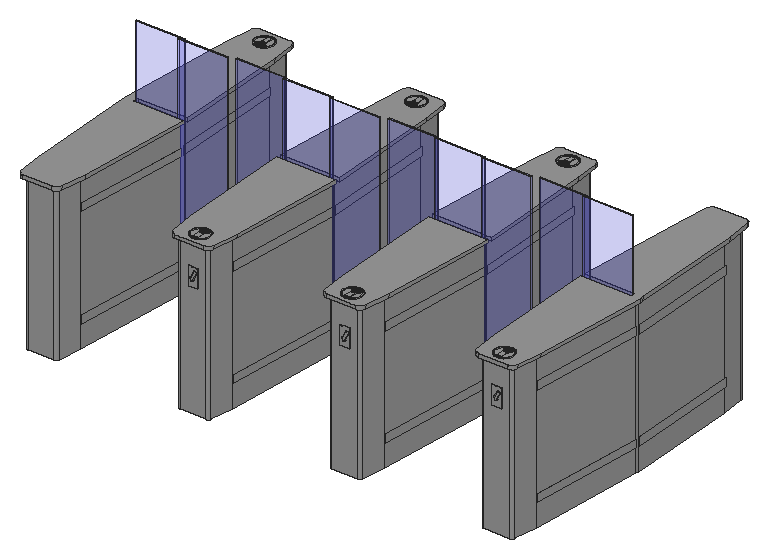
Revit family "ST-02", category Обобщенные модели, Revit 2019 (continued)
Definition of nested family "Секция Двусторонняя-STD02 600"
  Automatic sketch dimensions
    Extrusion 12 sketch curve to Extrusion 12 sketch curve = 9.389 mm
    Extrusion 4 sketch curve to Extrusion 4 sketch curve = 0 mm  (x12)
    Extrusion 4 sketch curve to plane 1 "По центру (Вперед/Назад)" = 10 mm  (x2)
    Extrusion 4 sketch curve to plane 4 = 6723.064 mm
    plane 4 to Extrusion 4 sketch curve = 0.002 mm  (x2)
    plane 6 to Extrusion 4 sketch curve = 69.045 mm
    Extrusion 4 sketch curve to plane 3 "По центру (Влево/Вправо)" = 91.955 mm
    plane 3 "По центру (Влево/Вправо)" to Extrusion 4 sketch curve = 91.955 mm
    Extrusion 4 sketch curve to plane 7 = 69.045 mm
    Extrusion 4 sketch curve to plane 5 = 0.002 mm  (x2)
    plane 1 "По центру (Вперед/Назад)" to Extrusion 4 sketch curve = 10 mm  (x2)
    plane 5 to Extrusion 4 sketch curve = 6723.064 mm
    plane 1 "По центру (Вперед/Назад)" to Extrusion 4 sketch curve = 15 mm
    Extrusion 4 sketch curve to Extrusion 4 sketch curve = 906.5 mm  (x2)
    Extrusion 4 sketch curve to Extrusion 4 sketch curve = 40 mm  (x2)
    Extrusion 4 sketch curve to plane 1 "По центру (Вперед/Назад)" = 15 mm
    plane 6 to Extrusion 4 sketch curve = 10.102 mm  (x2)
    Extrusion 4 sketch curve to plane 7 = 10.102 mm  (x2)
    plane 1 "По центру (Вперед/Назад)" to Extrusion 1 sketch curve = 10 mm  (x2)
    Extrusion 1 sketch curve to plane 4 = 6723.064 mm
    Extrusion 1 sketch curve to plane 1 "По центру (Вперед/Назад)" = 10 mm  (x2)
    Extrusion 1 sketch curve to Extrusion 1 sketch curve = 0 mm  (x3)
    plane 6 to Extrusion 1 sketch curve = 39.933 mm  (x2)
    plane 6 to Extrusion 1 sketch curve = 77.834 mm  (x2)
    plane 3 "По центру (Влево/Вправо)" to Extrusion 1 sketch curve = 83.166 mm
    Extrusion 1 sketch curve to plane 7 = 77.834 mm
    Extrusion 1 sketch curve to plane 7 = 39.933 mm  (x2)
    plane 5 to Extrusion 1 sketch curve = 6723.064 mm
    plane 1 "По центру (Вперед/Назад)" to Extrusion 1 sketch curve = 760.641 mm
    Extrusion 1 sketch curve to Extrusion 1 sketch curve = 150.859 mm  (x3)
    Extrusion 1 sketch curve to Extrusion 1 sketch curve = 20 mm  (x2)
    Extrusion 1 sketch curve to plane 1 "По центру (Вперед/Назад)" = 760.641 mm
    radius of Extrusion 7 sketch curve = 55 mm
    radius of Extrusion 8 sketch curve = 55 mm
  Nested families
    nested 1: "Створка для секции" at (0, 0, 250), type "Створка 300"
  Definition of nested family "Створка для секции"
    Parameters (values of type "Створка 470")
      Ширина = 470 mm
    Types (2, lengths in mm): name | Ширина
      Створка 300 | 320
      Створка 470 | 470
    Reference planes
      plane 1 "По центру (Вперед/Назад)": y = 0
      plane 2: z = 0
      plane 3 "По центру (Влево/Вправо)": x = 0
      plane 4: x = -160
      plane 5: x = 310
    Forms (mm)
      Extrusion 1, solid
        sketch origin (0, 0, 0) x (1, 0, 0) y (0, 0, 1)
          loop
            line (-160, 0) -> (310, 0) -> (310, 1232) -> (-160, 1232) -> (-160, 0)
        from -5 to 5
    Dimensions and locks
      "Ширина": plane 4 to plane 5
      locked: plane 4 to plane 3 "По центру (Влево/Вправо)" at 160
      aligned and locked: level to plane 2
    Automatic sketch dimensions
      plane 4 to Extrusion 1 sketch curve = 0 mm
      Extrusion 1 sketch curve to level = 0 mm
      plane 5 to Extrusion 1 sketch curve = 0 mm
      level to Extrusion 1 sketch curve = 1232 mm
Definition of nested family "Секция Slave-ST02 600"
  Parameters (values of type "Секция Slave-ST02 600")
    Ширина секции = 382 mm
    Ширина нижней части = Ширина секции - 60 mm  # 322 mm
    Температура использования = "от +1°С до +50°С"
    Пропускная способность = "до 60 чел / мин"
    Подключение к электросети = "220 В"
    Габаритные размеры = "1923×1364×1482 мм при створке 600 мм"
    Верх [instance] = yes
    ADSK_Ток = "8,5 А"
    ADSK_Номинальная мощность = "204 Вт"
    ADSK_Напряжение = "24 В постоянного тока"
    ADSK_Наименование краткое = "Скоростной проход ST-02"
    ADSK_Наименование = "Турникет \"Скоростной проход\" PERCo-ST-02"
    ADSK_Материал наименование = "Секции - нержавеющая сталь.\r\nВерхние крышки, раздвижные створки и панели запонения – закаленное стекло толщиной 10 мм."
    ADSK_Масса_Текст = "от 424 кг"
    ADSK_Количество = 1
    ADSK_Завод-изготовитель = "PERCo"
    ADSK_Единица измерения = "шт"
    ADSK_URL страницы изделия = "https://www.perco.ru/products/skorostnoy-prokhod-st-02-atg-600.php"
  Reference planes
    plane 1 "По центру (Вперед/Назад)": y = 0
    plane 2: z = 0
    plane 3 "По центру (Влево/Вправо)": x = 0
    plane 4: x = -161
    plane 5: x = 161
    plane 6: x = 191
    plane 7: x = -191
  Forms (mm)
    Extrusion 1, solid
      sketch origin (0, 0, 0) x (-1, 0, 0) y (0, -1, 0)
        loop
          line (-83.166, -931.5) -> (83.166, -931.5)
          arc (83.166, -931.5) -> (96.374, -926.519) -> (103.002, -914.056) r 20
          arc (103.002, -914.056) -> (112.453, -837.397) -> (121.067, -760.641) r 7075.064
          line (121.067, -760.641) -> (-121.067, -760.641)
          arc (-121.067, -760.641) -> (-112.453, -837.397) -> (-103.002, -914.056) r 7075.064
          arc (-103.002, -914.056) -> (-96.374, -926.519) -> (-83.166, -931.5) r 20
        loop
          arc (-83.166, 931.5) -> (-96.374, 926.519) -> (-103.002, 914.056) r 20
          arc (-103.002, 914.056) -> (-112.453, 837.397) -> (-121.067, 760.641) r 7075.064
          line (-121.067, 760.641) -> (121.067, 760.641)
          arc (121.067, 760.641) -> (112.453, 837.397) -> (103.002, 914.056) r 7075.064
          arc (103.002, 914.056) -> (96.374, 926.519) -> (83.166, 931.5) r 20
          line (83.166, 931.5) -> (-83.166, 931.5)
      from 0 to 1000
    Extrusion 2, solid
      sketch origin (0, 0, 0) x (-1, 0, 0) y (0, -1, 0)
        loop
          arc (-121.067, 760.641) -> (-151.01, 385.851) -> (-161, 10) r 7075.064
          line (-161, 10) -> (-161, -10)
          arc (-161, -10) -> (-151.01, -385.851) -> (-121.067, -760.641) r 7075.064
          line (-121.067, -760.641) -> (121.067, -760.641)
          arc (121.067, -760.641) -> (151.01, -385.851) -> (161, -10) r 7075.064
          line (161, -10) -> (161, 10)
          arc (161, 10) -> (151.01, 385.851) -> (121.067, 760.641) r 7075.064
          line (121.067, 760.641) -> (-121.067, 760.641)
      from 0 to 1000
    Extrusion 3, void
      sketch origin (0, 0, 0) x (-1, 0, 0) y (0, -1, 0)
        loop
          line (-136, 15) -> (-136, -15) -> (191, -15) -> (191, 15) -> (-136, 15)
      from 250 to 1000
    Extrusion 4, solid
      sketch origin (0, 0, 0) x (-1, 0, 0) y (0, -1, 0)
        loop
          line (-191, 10) -> (-191, -10)
          arc (-191, -10) -> (-180.967, -387.445) -> (-150.898, -763.824) r 7105.064
          arc (-150.898, -763.824) -> (-141.729, -845.298) -> (-131.62, -926.661) r 7105.064
          arc (-131.62, -926.661) -> (-118.351, -951.553) -> (-91.955, -961.5) r 40
          line (-91.955, -961.5) -> (91.955, -961.5)
          arc (91.955, -961.5) -> (118.351, -951.553) -> (131.62, -926.661) r 40
          arc (131.62, -926.661) -> (141.729, -845.298) -> (150.898, -763.824) r 7105.064
          arc (150.898, -763.824) -> (180.834, -389.941) -> (190.998, -15) r 7105.064
          line (190.998, -15) -> (-136, -15) -> (-136, 15) -> (190.998, 15)
          arc (190.998, 15) -> (180.834, 389.941) -> (150.898, 763.824) r 7105.064
          arc (150.898, 763.824) -> (141.729, 845.298) -> (131.62, 926.661) r 7105.064
          arc (131.62, 926.661) -> (118.351, 951.553) -> (91.955, 961.5) r 40
          line (91.955, 961.5) -> (-91.955, 961.5)
          arc (-91.955, 961.5) -> (-118.351, 951.553) -> (-131.62, 926.661) r 40
          arc (-131.62, 926.661) -> (-141.729, 845.298) -> (-150.898, 763.824) r 7105.064
          arc (-150.898, 763.824) -> (-180.967, 387.445) -> (-191, 10) r 7105.064
      from 1000 to 1021
    Extrusion 5, solid
      sketch origin (0, 0, 0) x (-1, 0, 0) y (0, -1, 0)
        loop
          line (-121.067, 760.641) -> (-126.095, 760.641)
          arc (-126.095, 760.641) -> (-155.884, 388.347) -> (-165.998, 15) r 7080.064
          line (-165.998, 15) -> (-160.998, 15)
          arc (-160.998, 15) -> (-150.876, 388.347) -> (-121.067, 760.641) r 7075.064
        loop
          line (160.998, 15) -> (165.998, 15)
          arc (165.998, 15) -> (155.884, 388.347) -> (126.095, 760.641) r 7080.064
          line (126.095, 760.641) -> (121.067, 760.641)
          arc (121.067, 760.641) -> (150.876, 388.347) -> (160.998, 15) r 7075.064
        loop
          line (-160.998, -15) -> (-165.998, -15)
          arc (-165.998, -15) -> (-155.884, -388.347) -> (-126.095, -760.641) r 7080.064
          line (-126.095, -760.641) -> (-121.067, -760.641)
          arc (-121.067, -760.641) -> (-150.876, -388.347) -> (-160.998, -15) r 7075.064
        loop
          line (121.067, -760.641) -> (126.095, -760.641)
          arc (126.095, -760.641) -> (155.884, -388.347) -> (165.998, -15) r 7080.064
          line (165.998, -15) -> (160.998, -15)
          arc (160.998, -15) -> (150.876, -388.347) -> (121.067, -760.641) r 7075.064
      from 800 to 850
    Extrusion 6, solid
      sketch origin (0, 0, 0) x (-1, 0, 0) y (0, -1, 0)
        loop
          line (-121.067, 760.641) -> (-126.095, 760.641)
          arc (-126.095, 760.641) -> (-155.884, 388.347) -> (-165.998, 15) r 7080.064
          line (-165.998, 15) -> (-160.998, 15)
          arc (-160.998, 15) -> (-150.876, 388.347) -> (-121.067, 760.641) r 7075.064
        loop
          line (160.998, 15) -> (165.998, 15)
          arc (165.998, 15) -> (155.884, 388.347) -> (126.095, 760.641) r 7080.064
          line (126.095, 760.641) -> (121.067, 760.641)
          arc (121.067, 760.641) -> (150.876, 388.347) -> (160.998, 15) r 7075.064
        loop
          line (-160.998, -15) -> (-165.998, -15)
          arc (-165.998, -15) -> (-155.884, -388.347) -> (-126.095, -760.641) r 7080.064
          line (-126.095, -760.641) -> (-121.067, -760.641)
          arc (-121.067, -760.641) -> (-150.876, -388.347) -> (-160.998, -15) r 7075.064
        loop
          line (121.067, -760.641) -> (126.095, -760.641)
          arc (126.095, -760.641) -> (155.884, -388.347) -> (165.998, -15) r 7080.064
          line (165.998, -15) -> (160.998, -15)
          arc (160.998, -15) -> (150.876, -388.347) -> (121.067, -760.641) r 7075.064
      from 150 to 200
    Extrusion 7, solid, visible <- "Верх"
      sketch origin (0, -41.5, 0) x (-1, 0, 0) y (0, -1, 0)
        loop
          circle (0, 830) r 60
        loop
          circle (0, 830) r 55
        loop
          line (0, 874.437) -> (-15, 874.437) -> (-15, 824.437) -> (15, 824.437) -> (15, 874.437) -> (0, 874.437)
        loop
          arc (-15, 814.437) -> (-17.035, 813.838) -> (-16.435, 811.803) r 1.5
          arc (-16.435, 811.803) -> (0, 807.617) -> (16.435, 811.803) r 34.358
          arc (16.435, 811.803) -> (17.035, 813.838) -> (15, 814.437) r 1.5
          arc (15, 814.437) -> (0, 810.617) -> (-15, 814.437) r 31.358
        loop
          arc (22.354, 805.884) -> (0.116, 797.617) -> (-22.178, 805.734) r 34.358
          arc (-22.178, 805.734) -> (-24.391, 805.819) -> (-24.306, 803.606) r 1.509
          arc (-24.306, 803.606) -> (0.116, 794.617) -> (24.481, 803.757) r 37.358
          arc (24.481, 803.757) -> (24.567, 805.969) -> (22.354, 805.884) r 1.509
        loop
          arc (30.638, 797.6) -> (30.266, 799.688) -> (28.178, 799.316) r 1.5
          arc (28.178, 799.316) -> (0, 784.617) -> (-28.178, 799.316) r 34.358
          arc (-28.178, 799.316) -> (-30.266, 799.688) -> (-30.638, 797.6) r 1.5
          arc (-30.638, 797.6) -> (0, 781.617) -> (30.638, 797.6) r 37.358
      from 1021 to 1022
    Extrusion 8, solid
      sketch origin (0, -41.5, 0) x (-1, 0, 0) y (0, 0, 1)
        loop
          line (0, 855) -> (-30, 855) -> (-30, 735) -> (30, 735) -> (30, 855) -> (0, 855)
        loop
          line (16.618, 786.68) -> (-6.856, 830.828) -> (-15.685, 826.133) -> (-24.515, 821.438) -> (-1.041, 777.291) -> (-5.456, 774.943) -> (16.181, 766.202) -> (21.033, 789.028) -> (16.618, 786.68)
      from -891 to -890
    Extrusion 9, solid
      sketch origin (0, -41.5, 0) x (-1, 0, 0) y (0, 0, 1)
        loop
          line (-15.685, 826.133) -> (-24.515, 821.438) -> (-1.041, 777.291) -> (-5.456, 774.943) -> (16.181, 766.202) -> (21.033, 789.028) -> (16.618, 786.68) -> (-6.856, 830.828) -> (-15.685, 826.133)
      from -891 to -890
  Cuts and joins
    Extrusion 3 cuts Extrusion 2
    Extrusion 3 cuts Extrusion 5
  Dimensions and locks
    equal spacing: plane 4, plane 3 "По центру (Влево/Вправо)", plane 5
    "Ширина нижней части": plane 4 to plane 5
    plane 6 to plane 7 = 382 mm
    aligned and locked: level to plane 2
    aligned and locked: plane 1 "По центру (Вперед/Назад)" to nested 1
  Automatic sketch dimensions
    Extrusion 2 sketch curve to plane 5 = 0 mm
    Extrusion 2 sketch curve to plane 4 = 0 mm
    Extrusion 2 sketch curve to plane 1 "По центру (Вперед/Назад)" = 10 mm  (x2)
    Extrusion 2 sketch curve to plane 6 = 6723.064 mm
    plane 1 "По центру (Вперед/Назад)" to Extrusion 2 sketch curve = 10 mm  (x2)
    Extrusion 2 sketch curve to Extrusion 2 sketch curve = 0 mm
    Extrusion 2 sketch curve to plane 5 = 39.933 mm  (x2)
    plane 4 to Extrusion 2 sketch curve = 39.933 mm  (x2)
    Extrusion 3 sketch curve to plane 7 = 0 mm
    Extrusion 3 sketch curve to plane 5 = 25 mm
    Extrusion 3 sketch curve to plane 1 "По центру (Вперед/Назад)" = 15 mm
    plane 1 "По центру (Вперед/Назад)" to Extrusion 3 sketch curve = 15 mm
    Extrusion 5 sketch curve to Extrusion 5 sketch curve = 0 mm  (x11)
    plane 1 "По центру (Вперед/Назад)" to Extrusion 5 sketch curve = 10 mm  (x2)
    Extrusion 5 sketch curve to plane 6 = 6723.064 mm
    plane 5 to Extrusion 5 sketch curve = 4.998 mm  (x2)
    Extrusion 5 sketch curve to plane 5 = 0.002 mm  (x2)
    Extrusion 5 sketch curve to plane 5 = 34.905 mm  (x2)
    plane 4 to Extrusion 5 sketch curve = 39.933 mm  (x2)
    Extrusion 5 sketch curve to Extrusion 5 sketch curve = 5.028 mm  (x2)
    plane 4 to Extrusion 5 sketch curve = 0.002 mm  (x2)
    Extrusion 5 sketch curve to plane 1 "По центру (Вперед/Назад)" = 10 mm
    plane 7 to Extrusion 5 sketch curve = 6723.064 mm
    Extrusion 5 sketch curve to plane 1 "По центру (Вперед/Назад)" = 15 mm  (x2)
    plane 1 "По центру (Вперед/Назад)" to Extrusion 5 sketch curve = 15 mm  (x2)
    Extrusion 6 sketch curve to Extrusion 6 sketch curve = 0 mm  (x11)
    plane 1 "По центру (Вперед/Назад)" to Extrusion 6 sketch curve = 10 mm  (x2)
    Extrusion 6 sketch curve to plane 6 = 6723.064 mm
    plane 5 to Extrusion 6 sketch curve = 4.998 mm  (x2)
    Extrusion 6 sketch curve to plane 5 = 0.002 mm  (x2)
    Extrusion 6 sketch curve to plane 5 = 34.905 mm  (x2)
    plane 4 to Extrusion 6 sketch curve = 39.933 mm  (x2)
    Extrusion 6 sketch curve to Extrusion 6 sketch curve = 5.028 mm  (x2)
    plane 4 to Extrusion 6 sketch curve = 0.002 mm  (x2)
    Extrusion 6 sketch curve to plane 1 "По центру (Вперед/Назад)" = 10 mm
    plane 7 to Extrusion 6 sketch curve = 6723.064 mm
    Extrusion 6 sketch curve to plane 1 "По центру (Вперед/Назад)" = 15 mm  (x2)
    plane 1 "По центру (Вперед/Назад)" to Extrusion 6 sketch curve = 15 mm  (x2)
    Extrusion 7 sketch curve to Extrusion 7 sketch curve = 0 mm  (x20)
    Extrusion 7 sketch curve to plane 3 "По центру (Влево/Вправо)" = 0 mm  (x5)
    plane 3 "По центру (Влево/Вправо)" to Extrusion 7 sketch curve = 15 mm
    Extrusion 7 sketch curve to Extrusion 7 sketch curve = 0.718 mm  (x3)
    Extrusion 7 sketch curve to Extrusion 7 sketch curve = 7.607 mm
    Extrusion 7 sketch curve to Extrusion 7 sketch curve = 6.084 mm
    Extrusion 7 sketch curve to plane 3 "По центру (Влево/Вправо)" = 15 mm
    Extrusion 7 sketch curve to Extrusion 7 sketch curve = 7.782 mm
    Extrusion 7 sketch curve to Extrusion 7 sketch curve = 5.908 mm
    plane 1 "По центру (Вперед/Назад)" to Extrusion 7 sketch curve = 839.958 mm
    Extrusion 7 sketch curve to Extrusion 7 sketch curve = 6.294 mm
    Extrusion 7 sketch curve to Extrusion 7 sketch curve = 6.444 mm
    Extrusion 7 sketch curve to Extrusion 7 sketch curve = 8.218 mm
    Extrusion 7 sketch curve to Extrusion 7 sketch curve = 8.368 mm
    Extrusion 7 sketch curve to Extrusion 7 sketch curve = 5.855 mm
    Extrusion 7 sketch curve to Extrusion 7 sketch curve = 11.317 mm
    Extrusion 7 sketch curve to Extrusion 7 sketch curve = 11.025 mm
    Extrusion 7 sketch curve to Extrusion 7 sketch curve = 1.975 mm
    Extrusion 7 sketch curve to Extrusion 7 sketch curve = 10 mm
    Extrusion 7 sketch curve to Extrusion 7 sketch curve = 32.463 mm
    Extrusion 7 sketch curve to Extrusion 7 sketch curve = 1.146 mm  (x2)
    Extrusion 7 sketch curve to Extrusion 7 sketch curve = 0.982 mm
    Extrusion 7 sketch curve to Extrusion 7 sketch curve = 1.23 mm
    Extrusion 7 sketch curve to Extrusion 7 sketch curve = 29.362 mm
    Extrusion 8 sketch curve to plane 3 "По центру (Влево/Вправо)" = 0 mm
    plane 3 "По центру (Влево/Вправо)" to Extrusion 8 sketch curve = 1.041 mm
    Extrusion 8 sketch curve to Extrusion 8 sketch curve = 4.415 mm  (x2)
    plane 3 "По центру (Влево/Вправо)" to Extrusion 8 sketch curve = 6.856 mm
    Extrusion 8 sketch curve to Extrusion 8 sketch curve = 8.829 mm  (x2)
    plane 3 "По центру (Влево/Вправо)" to Extrusion 8 sketch curve = 30 mm
    Extrusion 8 sketch curve to plane 3 "По центру (Влево/Вправо)" = 16.181 mm
    Extrusion 8 sketch curve to plane 3 "По центру (Влево/Вправо)" = 16.618 mm
    Extrusion 8 sketch curve to plane 3 "По центру (Влево/Вправо)" = 30 mm
    level to Extrusion 8 sketch curve = 735 mm
    Extrusion 8 sketch curve to Extrusion 8 sketch curve = 31.202 mm
    Extrusion 8 sketch curve to Extrusion 8 sketch curve = 8.742 mm
    Extrusion 8 sketch curve to Extrusion 8 sketch curve = 2.347 mm
    Extrusion 8 sketch curve to Extrusion 8 sketch curve = 9.389 mm
    Extrusion 8 sketch curve to Extrusion 8 sketch curve = 24.172 mm
    plane 3 "По центру (Влево/Вправо)" to Extrusion 9 sketch curve = 24.515 mm
    Extrusion 9 sketch curve to Extrusion 9 sketch curve = 8.829 mm
    plane 3 "По центру (Влево/Вправо)" to Extrusion 9 sketch curve = 6.856 mm
    plane 3 "По центру (Влево/Вправо)" to Extrusion 9 sketch curve = 5.456 mm
    plane 3 "По центру (Влево/Вправо)" to Extrusion 9 sketch curve = 1.041 mm
    Extrusion 9 sketch curve to plane 3 "По центру (Влево/Вправо)" = 16.181 mm
    Extrusion 9 sketch curve to plane 3 "По центру (Влево/Вправо)" = 16.618 mm
    Extrusion 9 sketch curve to Extrusion 9 sketch curve = 4.415 mm
    level to Extrusion 9 sketch curve = 766.202 mm
    Extrusion 9 sketch curve to Extrusion 9 sketch curve = 8.742 mm
    Extrusion 9 sketch curve to Extrusion 9 sketch curve = 2.347 mm
    Extrusion 9 sketch curve to Extrusion 9 sketch curve = 9.389 mm
    Extrusion 4 sketch curve to Extrusion 4 sketch curve = 0 mm  (x12)
    Extrusion 4 sketch curve to plane 6 = 0 mm
    Extrusion 4 sketch curve to plane 1 "По центру (Вперед/Назад)" = 10 mm  (x2)
    Extrusion 4 sketch curve to plane 6 = 6723.064 mm
    plane 1 "По центру (Вперед/Назад)" to Extrusion 4 sketch curve = 10 mm  (x2)
    Extrusion 4 sketch curve to plane 5 = 25 mm
    Extrusion 4 sketch curve to plane 5 = 69.045 mm
    plane 3 "По центру (Влево/Вправо)" to Extrusion 4 sketch curve = 91.955 mm
    plane 4 to Extrusion 4 sketch curve = 69.045 mm  (x2)
    Extrusion 4 sketch curve to plane 7 = 0.002 mm  (x2)
    plane 7 to Extrusion 4 sketch curve = 6723.064 mm
    Extrusion 4 sketch curve to plane 1 "По центру (Вперед/Назад)" = 15 mm
    Extrusion 4 sketch curve to Extrusion 4 sketch curve = 906.5 mm  (x2)
    Extrusion 4 sketch curve to Extrusion 4 sketch curve = 40 mm  (x2)
    plane 1 "По центру (Вперед/Назад)" to Extrusion 4 sketch curve = 15 mm
    Extrusion 4 sketch curve to plane 5 = 10.102 mm  (x2)
    plane 4 to Extrusion 4 sketch curve = 10.102 mm  (x2)
    Extrusion 1 sketch curve to plane 1 "По центру (Вперед/Назад)" = 10 mm  (x2)
    Extrusion 1 sketch curve to plane 6 = 6723.064 mm
    plane 1 "По центру (Вперед/Назад)" to Extrusion 1 sketch curve = 10 mm  (x2)
    Extrusion 1 sketch curve to Extrusion 1 sketch curve = 0 mm  (x3)
    Extrusion 1 sketch curve to plane 5 = 39.933 mm  (x2)
    Extrusion 1 sketch curve to plane 5 = 77.834 mm
    plane 3 "По центру (Влево/Вправо)" to Extrusion 1 sketch curve = 83.166 mm
    Extrusion 1 sketch curve to Extrusion 1 sketch curve = 166.332 mm
    plane 4 to Extrusion 1 sketch curve = 77.834 mm
    plane 4 to Extrusion 1 sketch curve = 39.933 mm  (x2)
    plane 7 to Extrusion 1 sketch curve = 6723.064 mm
    Extrusion 1 sketch curve to plane 1 "По центру (Вперед/Назад)" = 760.641 mm
    Extrusion 1 sketch curve to Extrusion 1 sketch curve = 150.859 mm  (x3)
    Extrusion 1 sketch curve to Extrusion 1 sketch curve = 20 mm  (x2)
    plane 1 "По центру (Вперед/Назад)" to Extrusion 1 sketch curve = 760.641 mm
    radius of Extrusion 7 sketch curve = 55 mm
  Nested families
    nested 1: "Створка для секции" at (-24, 0, 250), type "Створка 300"
  Definition of nested family "Створка для секции"
    Parameters (values of type "Створка 470")
      Ширина = 470 mm
    Types (2, lengths in mm): name | Ширина
      Створка 300 | 320
      Створка 470 | 470
    Reference planes
      plane 1 "По центру (Вперед/Назад)": y = 0
      plane 2: z = 0
      plane 3 "По центру (Влево/Вправо)": x = 0
      plane 4: x = -160
      plane 5: x = 310
    Forms (mm)
      Extrusion 1, solid
        sketch origin (0, 0, 0) x (1, 0, 0) y (0, 0, 1)
          loop
            line (-160, 0) -> (310, 0) -> (310, 1232) -> (-160, 1232) -> (-160, 0)
        from -5 to 5
    Dimensions and locks
      "Ширина": plane 4 to plane 5
      locked: plane 4 to plane 3 "По центру (Влево/Вправо)" at 160
      aligned and locked: level to plane 2
    Automatic sketch dimensions
      plane 4 to Extrusion 1 sketch curve = 0 mm
      Extrusion 1 sketch curve to level = 0 mm
      plane 5 to Extrusion 1 sketch curve = 0 mm
      level to Extrusion 1 sketch curve = 1232 mm
Definition of nested family "Створка для ST-02"
  Parameters (values of type "Створка 470")
    Ширина = 470 mm
    ADSK_Примечание = ""
    ADSK_Наименование = "Турникет \"Скоростной проход\" PERCo-ST-02"
    ADSK_Материал = "Раздвижные створки-закаленное стекло толщиной 10 мм."
    ADSK_Масса текст = ""
    ADSK_Марка = "470"
    ADSK_Количество = 0.5
    ADSK_Единица измерения = "шт"
    ADSK-Производитель = "PERCo"
  Types (2, lengths in mm): name | Ширина | ADSK_Марка | ADSK_Количество
    Створка 470 | 470 | "470" | 0.5
    Створка 320 | 320 | "320" | 0
  Reference planes
    plane 1 "По центру (Вперед/Назад)": y = 0
    plane 2: z = 0
    plane 3 "По центру (Влево/Вправо)": x = 0
    plane 4: x = -160
    plane 5: x = 310
  Forms (mm)
    Extrusion 1, solid
      sketch origin (0, 0, 0) x (1, 0, 0) y (0, 0, 1)
        loop
          line (-160, 0) -> (310, 0) -> (310, 1232) -> (-160, 1232) -> (-160, 0)
      from -5 to 5
  Dimensions and locks
    "Ширина": plane 4 to plane 5
    locked: plane 4 to plane 3 "По центру (Влево/Вправо)" at 160
    aligned and locked: level to plane 2
  Automatic sketch dimensions
    plane 4 to Extrusion 1 sketch curve = 0 mm
    Extrusion 1 sketch curve to level = 0 mm
    plane 5 to Extrusion 1 sketch curve = 0 mm
    level to Extrusion 1 sketch curve = 1232 mm
Definition of nested family "Стрелка"
  Parameters (values of type "Стрелка")
    Height = 0 mm
  Reference planes
    plane 1 "По центру (Вперед/Назад)": y = 0
    plane 2: z = 0
    plane 3 "По центру (Влево/Вправо)": x = 0
  Lines and regions (mm)
    model lines
      curve 1: line (-259.808, 225, 0) -> (259.808, 225, 0)
      curve 2: line (0, -225, 0) -> (-259.808, 225, 0)
      curve 3: line (0, -225, 0) -> (259.808, 225, 0)
  Dimensions and locks
    aligned and locked: level to plane 2
Types (4, lengths in mm): name | Ширина6в | Ширина3а | Ширина2а | Количество проходов тип | Количество проходов по факту | Вс3 | Вс2
  (no name) | 2946 | 982 | 982 | 3 | 3 | yes | yes
  1 проход | 982 | 0 | 0 | 1 | 1 | no | no
  2 прохода | 1964 | 0 | 982 | 2 | 2 | no | yes
  3 и более проходов | 2946 | 982 | 982 | 3 | 3 | yes | yes
